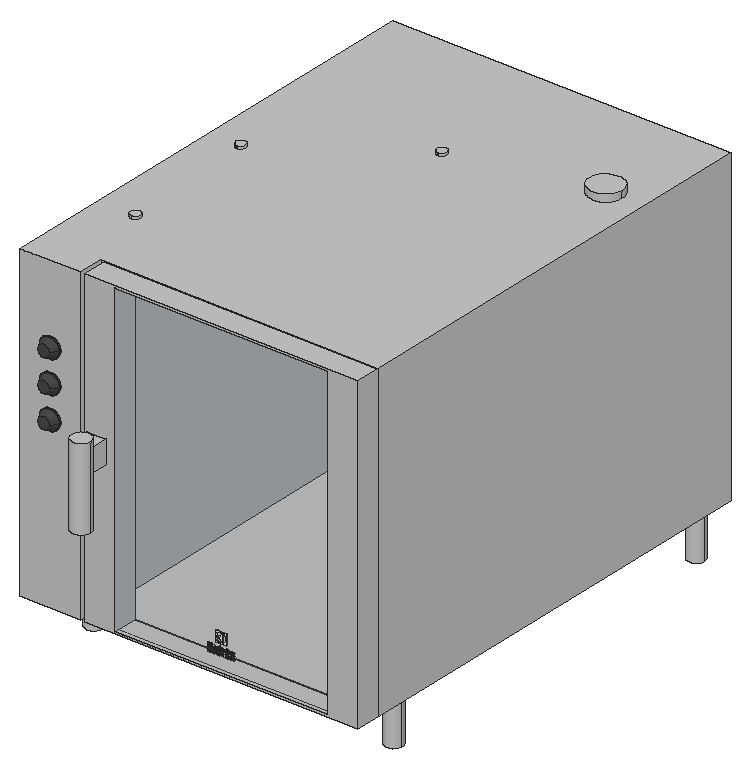
Revit family "QF_ELECTROLUXPROFESSIONAL_260697_EFCE12CSDS", category Attrezzature speciali, Revit 2018
Family settings
  Quota connettore circolare = Usa diametro
  Tipo di parte = Normale
  Basato su piano di lavoro = No
  Sempre verticale = Sì
  Taglio con vuoti quando caricato = No
  Condiviso = No
  Punto di calcolo locali = No
Parameters (values of type "Standard")
  Weight = 147.00 kg
  Watts = 24500 W
  Volts = 380 V
  URL Manufacturer = "https://www.electroluxprofessional.com/"
  URL = "https://www.electroluxprofessional.com/"
  Steam Supply Size = 0 mm
  Steam Supply Minimum Pressure = 0.0 Pa
  Steam Supply Maximum Pressure = 0.0 Pa
  Steam Consumption per Hour = 0
  Show Logo [instance] = yes
  Show Clearance [instance] = yes
  Refrigeration Suction Line Size = 0 mm
  Refrigeration Liquid Line Size = 0 mm
  Refrigerant Compressor Remote = yes
  Produttore = "Electrolux Professional"
  Phase = 3
  Modello = "EFCE12CSDS"
  Length Actual = 890 mm  # constant formula
  Item Number = "260697"
  Hot Water Size = 0 mm
  Height Actual = 970 mm  # constant formula
  HP = "32.9 HP"
  Gas Size = 0 mm
  Gas KW = 0
  Gas Input Pressure = 0 W
  Direct Waste Size = 25 mm
  Descrizione = "CONVECTION OVEN CW 10 GN 2/1 - ELECTRIC"
  Depth Actual = 1215 mm  # constant formula
  Cycle = 50 Hz
  Condensate Return Size = 0 mm
  Compressed Air Volume = 0.0 L/s
  Compressed Air Size = 0 mm
  Compressed Air Pressure = 0.0 Pa
  Cold Water Size = 19.05 mm
  Accessory = yes
Types (2, lengths in mm): name | URL | Produttore | Phase | Modello | Direct Waste Size | Descrizione | Cold Water Size
  (no name) | 0 | 0 | 0 | 0 | 0 | 0 | 0
  Standard | "https://www.electroluxprofessional.com/" | "Electrolux Professional" | 3 | "EFCE12CSDS" | 25 | "CONVECTION OVEN CW 10 GN 2/1 - ELECTRIC" | 19.05
Values of the unnamed type that differ from the named types
  Weight = 0.00 kg
  Watts = 0 W
  Volts = 0 V
  URL Manufacturer = ""
  Item Number = ""
  HP = ""
  Cycle = 0 Hz
Reference planes
  plane 1 "Center X": y = -132.649
  plane 2: z = 0
  plane 3 "Center Y": x = -315
  plane 4 "LEFT": x = -760
  plane 5 "BACK": y = 479.851
  plane 6 "RIGHT": x = 130
  plane 7 "FRONT": y = -745.149
  plane 8: x = -710
  plane 9: y = 421.851
  plane 10: y = -680.149
  plane 11: x = 80
  plane 12: y = -1426.149
Forms (mm)
  Extrusion 1, solid, material "QF_Finishes_Stainless Steel"
    sketch origin (0, 0, 950) x (-1, 0, 0) y (0, -1, 0)
      loop
        line (760, -479.851) -> (760, 745.149) -> (600, 745.149) -> (600, 680.149) -> (-130, 680.149) -> (-130, -479.851) -> (760, -479.851)
    from 0 to -820
  Extrusion 2, solid, material "QF_Finishes_Stainless Steel"
    sketch origin (0, -745.149, -670) x (-1, 0, 0) y (0, 0, 1)
      loop
        line (590, 1620) -> (-130, 1620) -> (-130, 800) -> (590, 800) -> (590, 1620)
      loop
        line (510, 1615) -> (-50, 1615) -> (-50, 805) -> (510, 805) -> (510, 1615)
    from 0 to 65
  Extrusion 3, solid, material "QF_Finishes_Glass"
    sketch origin (0, -745.149, -670) x (-1, 0, 0) y (0, 0, 1)
      loop
        line (-50, 1615) -> (-50, 805) -> (510, 805) -> (510, 1615) -> (-50, 1615)
    from 0 to 9.69
  Extrusion 4, void
    sketch origin (-600, -680.149, 950) x (-1, 0, 0) y (0, 0, 1)
      loop
        line (-10, -5) -> (-650, -5) -> (-650, -815) -> (-10, -815) -> (-10, -5)
    from 0 to 1102
  Extrusion 5, solid, material "QF_Finishes_Stainless Steel"
    sketch origin (-32, -391, 955) x (0, -1, 0) y (-1, 0, 0)
      loop
        circle (-265.851, 643) r 13.25
    from 0 to 5
  Extrusion 6, solid, material "QF_Door-Drawer Clearances", visible <- "Show Clearance", detail levels coarse
    sketch origin (0, 0, 950) x (-1, 0, 0) y (0, -1, 0)
      loop
        arc (590, 745.149) -> (362.228, 1225.45) -> (-130, 1426.149) r 734.22
        line (-130, 1426.149) -> (-130, 745.149) -> (590, 745.149)
    from -820 to 0
  Extrusion 7, solid, material "QF_Finishes_Black"
    sketch origin (24, -745.149, -766.676) x (-1, 0, 0) y (0, 0, 1)
      loop
        circle (704, 1512.5) r 26.676
    from 0 to -3
  Blend 8, solid, material "QF_Finishes_Black"
    base sketch origin (-21, -745.149, -766.676) x (1, 0, 0) y (0, 0, 1)
      loop
        circle (-659, 1512.5) r 25
    top sketch origin (-21, -745.149, -766.676) x (1, 0, 0) y (0, 0, 1)
      loop
        circle (-659, 1512.5) r 15
    from 3 to 21.442
  Extrusion 9, solid, material "QF_Finishes_Black"
    sketch origin (24, -745.149, -851.676) x (-1, 0, 0) y (0, 0, 1)
      loop
        circle (704, 1512.5) r 26.676
    from 0 to -3
  Blend 10, solid, material "QF_Finishes_Black"
    base sketch origin (-21, -745.149, -851.676) x (1, 0, 0) y (0, 0, 1)
      loop
        circle (-659, 1512.5) r 25
    top sketch origin (-21, -745.149, -851.676) x (1, 0, 0) y (0, 0, 1)
      loop
        circle (-659, 1512.5) r 15
    from 3 to 21.442
  Extrusion 11, solid, material "QF_Finishes_Black"
    sketch origin (24, -745.149, -936.676) x (-1, 0, 0) y (0, 0, 1)
      loop
        circle (704, 1512.5) r 26.676
    from 0 to -3
  Blend 12, solid, material "QF_Finishes_Black"
    base sketch origin (-21, -745.149, -936.676) x (1, 0, 0) y (0, 0, 1)
      loop
        circle (-659, 1512.5) r 25
    top sketch origin (-21, -745.149, -936.676) x (1, 0, 0) y (0, 0, 1)
      loop
        circle (-659, 1512.5) r 15
    from 3 to 21.442
  Extrusion 13, solid, material "QF_Finishes_Stainless Steel"
    sketch origin (-17, -431, 955) x (0, -1, 0) y (-1, 0, 0)
      loop
        circle (59.149, 643) r 13.25
    from 0 to 5
  Extrusion 14, solid, material "QF_Finishes_Stainless Steel"
    sketch origin (309, 1.5, 955) x (0, -1, 0) y (-1, 0, 0)
      loop
        circle (-108.351, 643) r 13.25
    from 0 to 5
  Extrusion 15, solid, material "QF_Finishes_Stainless Steel"
    sketch origin (0, 0, 575) x (-1, 0, 0) y (0, -1, 0)
      loop
        circle (559.299, 795.149) r 25
    from -193.655 to 20
  Extrusion 16, solid, material "QF_Finishes_Stainless Steel"
    sketch origin (0, 0, 575) x (-1, 0, 0) y (0, -1, 0)
      loop
        line (534.299, 795.149) -> (534.299, 745.149) -> (584.299, 745.149) -> (584.299, 795.149)
        arc (584.299, 795.149) -> (559.299, 770.149) -> (534.299, 795.149) r 25
    from -55.026 to 5
  Extrusion 17, solid, material "QF_Finishes_Stainless Steel"
    sketch origin (68.965, -63.34, 950) x (-1, 0, 0) y (0, -1, 0)
      loop
        circle (37.965, -256.191) r 43
    from 0 to 18
Cuts and joins
  Extrusion 4 cuts Extrusion 2
  Extrusion 4 cuts Extrusion 1
Lines and regions (mm)
  Split face 1
    outline origin (50, -745.149, 135) x (1, 0, 0) y (0, 0, 1)
      loop
        line (-546.223, 92.039) -> (-395, 92.039) -> (-366.716, 120.323) -> (-280, 120.323) -> (-193.284, 120.323) -> (-165, 92.039) -> (-13.777, 92.039) -> (-13.777, 732.039) -> (-546.223, 732.039) -> (-546.223, 92.039)
  Split face 2
    outline origin (-760, -745.149, 950) x (0, 0, -1) y (1, 0, 0)
      loop
        line (5, 15) -> (815, 15) -> (815, 145) -> (5, 145) -> (5, 15)
  Split face 3
    outline origin (-760, -745.149, 950) x (0, 0, -1) y (1, 0, 0)
      loop
        line (50, 15) -> (50, 145)
  Split face 4
    outline origin (-760, -745.149, 950) x (0, 0, -1) y (1, 0, 0)
      loop
        line (770, 15) -> (770, 145)
  Split face 5
    outline origin (-760, -745.149, 950) x (0, 0, -1) y (1, 0, 0)
      loop
        line (447.866, 50) -> (472.866, 50) -> (472.866, 110) -> (447.866, 110) -> (447.866, 50)
  symbolic lines
    curve 1: line (-760, -745.149, 1620) -> (-760, 479.851, 1620)
    curve 2: line (-760, 479.851, 1620) -> (130, 479.851, 1620)
    curve 3: line (-600, -680.149, 1620) -> (130, -680.149, 1620)
    curve 4: line (-600, -680.149, 1620) -> (-600, -745.149, 1620)
    curve 5: line (-760, -745.149, 1620) -> (130, -745.149, 1620)
    curve 6: line (-706.676, -748.149, 1620) -> (-653.324, -748.149, 1620)
    curve 7: line (-695, -766.591, 1620) -> (-665, -766.591, 1620)
    curve 8: line (-706.676, -748.149, 1620) -> (-706.676, -745.149, 1620)
    curve 9: line (-653.324, -748.149, 1620) -> (-653.324, -745.149, 1620)
    curve 10: line (-695, -766.591, 1620) -> (-705, -748.149, 1620)
    curve 11: line (-665, -766.591, 1620) -> (-655.006, -748.149, 1620)
    curve 12: line (130, 479.851, 1620) -> (130, -745.149, 1620)
    curve 14: arc (-534.299, -795.149, 1620) -> (-559.299, -770.149, 1620) -> (-584.299, -795.149, 1620) r 25
    curve 15: arc (-584.299, -795.149, 1620) -> (-559.299, -820.149, 1620) -> (-534.299, -795.149, 1620) r 25
    curve 16: line (-534.299, -795.149, 1620) -> (-534.299, -745.149, 1620)
    curve 17: line (-584.299, -745.149, 1620) -> (-584.299, -795.149, 1620)
    curve 18: arc (74, 192.851, 1620) -> (31, 235.851, 1620) -> (-12, 192.851, 1620) r 43
    curve 19: arc (-12, 192.851, 1620) -> (31, 149.851, 1620) -> (74, 192.851, 1620) r 43
  symbolic lines, style "QF_Door-Drawer Clearances"
    curve 13: line (130, -1426.149, 1620) -> (130, -745.149, 1620)
    curve 20: arc (-590, -745.149, 1620) -> (-362.228, -1225.45, 1620) -> (130, -1426.149, 1620) r 734.22
Dimensions and locks
  equal spacing: plane 4 "LEFT", plane 3 "Center Y", plane 6 "RIGHT"
  plane 4 "LEFT" to plane 6 "RIGHT" = 890 mm
  plane 5 "BACK" to plane 7 "FRONT" = 1225 mm
  equal spacing: plane 5 "BACK", plane 1 "Center X", plane 7 "FRONT"
  plane 5 "BACK" to plane 12 = 1906 mm
  Extrusion 6 to level = 130 mm
  Extrusion 6 to level = 950 mm
  aligned and locked: level to plane 2
  aligned and locked: Blend 8 to Extrusion 7
  aligned and locked: Blend 10 to Extrusion 9
  aligned and locked: Blend 12 to Extrusion 11
Automatic sketch dimensions
  curve 14 to curve 15 = 0 mm  (x2)
  curve 18 to curve 19 = 0 mm  (x2)
  curve 12 to plane 5 "BACK" = 0 mm
  curve 12 to plane 6 "RIGHT" = 0 mm
  curve 16 to plane 7 "FRONT" = 0 mm
  curve 4 to plane 10 = 0 mm
  curve 1 to plane 4 "LEFT" = 0 mm
  curve 13 to plane 12 = 0 mm
  plane 6 "RIGHT" to curve 20 = 12.296 mm
  curve 19 to plane 11 = 49 mm
  curve 16 to plane 7 "FRONT" = 50 mm
  plane 8 to curve 16 = 175.701 mm
  curve 14 to curve 15 = 25 mm
  curve 17 to curve 4 = 15.701 mm
  curve 9 to plane 7 "FRONT" = 3 mm
  curve 4 to curve 9 = 53.324 mm
  curve 6 to curve 7 = 11.676 mm
  plane 8 to curve 7 = 15 mm
  plane 8 to curve 6 = 3.324 mm
  curve 19 to plane 9 = 229 mm
  curve 20 to plane 10 = 11.883 mm
  curve 10 to curve 7 = 18.442 mm
  curve 19 to plane 11 = 6 mm
  curve 6 to curve 11 = 1.682 mm
  curve 10 to curve 6 = 1.676 mm
  Extrusion 1 sketch curve to plane 5 "BACK" = 0 mm
  Extrusion 1 sketch curve to plane 6 "RIGHT" = 0 mm
  Extrusion 1 sketch curve to plane 10 = 0 mm
  Extrusion 1 sketch curve to plane 7 "FRONT" = 0 mm
  Extrusion 1 sketch curve to plane 4 "LEFT" = 0 mm
  plane 8 to Extrusion 1 sketch curve = 110 mm
  Extrusion 2 sketch curve to plane 6 "RIGHT" = 0 mm
  Extrusion 2 sketch curve to plane 11 = 30 mm
  Extrusion 2 sketch curve to plane 3 "Center Y" = 195 mm
  Extrusion 2 sketch curve to Extrusion 2 sketch curve = 80 mm
  level to Extrusion 2 sketch curve = 130 mm
  Extrusion 2 sketch curve to Extrusion 2 sketch curve = 5 mm  (x2)
  Extrusion 3 sketch curve to plane 11 = 30 mm
  Extrusion 3 sketch curve to plane 3 "Center Y" = 195 mm  (x2)
  level to Extrusion 3 sketch curve = 135 mm
  Extrusion 4 sketch curve to plane 11 = 30 mm
  plane 8 to Extrusion 4 sketch curve = 120 mm
  level to Extrusion 4 sketch curve = 135 mm
  Extrusion 5 sketch curve to plane 1 "Center X" = 7.5 mm
  plane 8 to Extrusion 5 sketch curve = 35 mm
  Extrusion 6 sketch curve to plane 6 "RIGHT" = 0 mm
  Extrusion 6 sketch curve to plane 7 "FRONT" = 0 mm
  Extrusion 6 sketch curve to plane 12 = 0 mm
  plane 6 "RIGHT" to Extrusion 6 sketch curve = 12.296 mm
  plane 8 to Extrusion 6 sketch curve = 120 mm
  plane 8 to Extrusion 7 sketch curve = 30 mm
  Extrusion 2 to Blend 8 sketch curve = 90 mm  (x2)
  Extrusion 2 to Blend 8 sketch curve = 199.176 mm  (x2)
  plane 8 to Extrusion 9 sketch curve = 30 mm
  Extrusion 2 to Blend 10 sketch curve = 90 mm  (x2)
  Extrusion 2 to Blend 10 sketch curve = 284.176 mm  (x2)
  plane 8 to Extrusion 11 sketch curve = 30 mm
  Extrusion 2 to Blend 12 sketch curve = 90 mm  (x2)
  Extrusion 2 to Blend 12 sketch curve = 369.176 mm  (x2)
  plane 8 to Extrusion 13 sketch curve = 50 mm
  plane 10 to Extrusion 13 sketch curve = 190 mm
  Extrusion 14 sketch curve to plane 3 "Center Y" = 19 mm
  Extrusion 14 sketch curve to plane 1 "Center X" = 242.5 mm
  Extrusion 15 sketch curve to plane 7 "FRONT" = 50 mm
  plane 8 to Extrusion 15 sketch curve = 150.701 mm
  Extrusion 16 sketch curve to plane 7 "FRONT" = 0 mm
  plane 8 to Extrusion 16 sketch curve = 175.701 mm
  Extrusion 16 sketch curve to Extrusion 16 sketch curve = 25 mm
  Extrusion 16 sketch curve to plane 7 "FRONT" = 50 mm
  Split face 1 sketch curve to Extrusion 3 = 13.777 mm  (x2)
  Split face 1 sketch curve to Split face 1 sketch curve = 151.223 mm
  Split face 1 sketch curve to Split face 1 sketch curve = 28.284 mm  (x3)
  Split face 1 sketch curve to Split face 1 sketch curve = 86.716 mm  (x2)
  Split face 1 sketch curve to Extrusion 3 = 92.039 mm  (x2)
  Split face 1 sketch curve to Extrusion 3 = 77.961 mm
  Extrusion 17 sketch curve to plane 11 = 49 mm
  Extrusion 17 sketch curve to plane 9 = 229 mm
  Split face 2 sketch curve to cut or joined group of Extrusion 1, Extrusion 4 = 5 mm  (x2)
  Split face 2 sketch curve to cut or joined group of Extrusion 1, Extrusion 4 = 15 mm  (x2)
  Split face 3 sketch curve to cut or joined group of Extrusion 1, Extrusion 4 = 15 mm  (x2)
  Split face 3 sketch curve to cut or joined group of Extrusion 1, Extrusion 4 = 50 mm
  Split face 4 sketch curve to cut or joined group of Extrusion 1, Extrusion 4 = 15 mm  (x2)
  Split face 4 sketch curve to cut or joined group of Extrusion 1, Extrusion 4 = 50 mm
  Split face 5 sketch curve to cut or joined group of Extrusion 1, Extrusion 4 = 50 mm  (x2)
  Split face 5 sketch curve to cut or joined group of Extrusion 1, Extrusion 4 = 372.134 mm
  Split face 5 sketch curve to Split face 5 sketch curve = 25 mm
  level to Extrusion 7 sketch curve = 745.824 mm
  level to Extrusion 9 sketch curve = 660.824 mm
  level to Extrusion 11 sketch curve = 575.824 mm
  Extrusion 2 sketch curve to Extrusion 2 sketch curve = 810 mm
  Extrusion 3 sketch curve to Extrusion 3 sketch curve = 810 mm
  Extrusion 4 sketch curve to Extrusion 4 sketch curve = 810 mm
  radius of Extrusion 5 sketch curve = 13.25 mm
  radius of Extrusion 7 sketch curve = 26.676 mm
  radius of Blend 8 sketch curve = 25 mm
  radius of Blend 8 sketch curve = 15 mm
  radius of Extrusion 9 sketch curve = 26.676 mm
  radius of Blend 10 sketch curve = 25 mm
  radius of Blend 10 sketch curve = 15 mm
  radius of Extrusion 11 sketch curve = 26.676 mm
  radius of Blend 12 sketch curve = 25 mm
  radius of Blend 12 sketch curve = 15 mm
  radius of Extrusion 13 sketch curve = 13.25 mm
  radius of Extrusion 14 sketch curve = 13.25 mm
  radius of Extrusion 15 sketch curve = 25 mm
  radius of Extrusion 17 sketch curve = 43 mm
Nested families
  nested 1: "Foot" at (-710, -565.149, 0), type "Foot"
    with Ø 22 mm, H 130 mm
  nested 2: "Foot" at (80, -565.149, 0), type "Foot"
    with Ø 22 mm, H 130 mm
  nested 3: "Foot" at (80, 429.851, 0), type "Foot"
    with Ø 22 mm, H 130 mm
  nested 4: "Foot" at (-710, 429.851, 0), type "Foot"
    with Ø 22 mm, H 130 mm
  nested 5: "ELX_Pro_Logo" at (-230, -745.149, 201.012) x (1, 0, 0) z (0, -1, 0), type "ELX_Pro_Logo"
Connectors
  piping at (-334, 109.851, 955), diameter 26.4
    settings: on Extrusion 14, index 6, connector inside diameter 609.6 mm, connector length 0 mm, flow factor 0, pipe flow 0.0 L/s, pressure drop 0.0 Pa, fitting loss kfactor 0, connector angle 0.00°, fixture units 0, engagement length 0 mm, angle of deflection 0.00°, flow configuration 0, flow direction 0, fitting loss method 0, system type 16, joint type 0, gender type 0, connector reference index -1, connector utility 0, adjustable connector no, is connector primary yes, connector description ""
  electrical at (-660, -490.149, 955)
    settings: on Extrusion 13, index 7, voltage 0 V, apparent load 0 VA, apparent load phase1 0 VA, apparent load phase2 0 VA, apparent load phase3 0 VA, power factor 1, load classification "Altro", number of poles 1, system type 30, power factor state 1, is connector primary yes, connector utility no, sub classification motor no, connector description "Electrical"
  piping at (-675, -125.149, 955), diameter 26.4
    settings: on Extrusion 5, index 8, connector inside diameter 609.6 mm, connector length 0 mm, flow factor 0, pipe flow 0.0 L/s, pressure drop 0.0 Pa, fitting loss kfactor 0, connector angle 0.00°, fixture units 0, engagement length 0 mm, angle of deflection 0.00°, flow configuration 0, flow direction 0, fitting loss method 0, system type 20, joint type 0, gender type 0, connector reference index -1, connector utility 0, adjustable connector no, is connector primary no, connector description "Cold Water Inled"
Definition of nested family "Foot"
  Parameters
    Ø [instance] = 20 mm
    H [instance] = 50 mm
  Reference planes
    plane 1 "Centro (Fronte/Retro)": y = 0
    plane 2: z = 0
    plane 3 "Centro (Sinistra/Destra)": x = 0
    plane 4: z = 50
  Forms (mm)
    Revolve 1, solid
      sketch origin (255.05, 0, 608.09) x (0, 0, 1) y (-1, 0, 0)
        loop
          line (-608.09, 255.05) -> (-608.09, 235.05) -> (-558.09, 235.05) -> (-558.09, 255.05) -> (-608.09, 255.05)
        axis (-608.09, 255.05) -> (-558.09, 255.05)
      angle from 0 to 360
  Dimensions and locks
    "H": plane 4 to plane 2
    "Ø": Revolve 1 sketch curve to Revolve 1 sketch curve
    aligned and locked: level to plane 2
    aligned and locked: plane 4 to Revolve 1 sketch curve
    aligned and locked: Revolve 1 sketch curve to level
    aligned and locked: plane 3 "Centro (Sinistra/Destra)" to Revolve 1 sketch curve
  Automatic sketch dimensions
    Revolve 1 sketch curve to plane 3 "Centro (Sinistra/Destra)" = 0 mm
    Revolve 1 sketch curve to Revolve 1 sketch curve = 50 mm
    Revolve 1 sketch curve to Revolve 1 sketch curve = 20 mm
Definition of nested family "ELX_Pro_Logo"
  Parameters (values of type "ELX_Pro_Logo")
    M = none
    Default Elevation = 0 mm
  Reference planes
    plane 1 "Centro (Fronte/Retro)": y = 0
    plane 2: z = 0
    plane 3 "Centro (Sinistra/Destra)": x = 0
  Forms (mm)
    Extrusion 1, solid
      sketch origin (0, 0, 0) x (1, 0, 0) y (0, 1, 0)
        loop
          line (-1219.2, 1219.2) -> (-1219.2, -1219.2) -> (1219.2, -1219.2) -> (1219.2, 1219.2) -> (-1219.2, 1219.2)
      from 0 to -304.8
    Extrusion 2, solid, material <- "M"
      sketch origin (-144.622, -1081.55, 0) x (-1, 0, 0) y (0, -1, 0)
        loop
          line (-111.329, -1069.559) -> (-111.329, -1071.073) -> (-116.048, -1071.073) -> (-116.048, -1072.896) -> (-111.328, -1072.896) -> (-111.328, -1075.549) -> (-116.349, -1075.549) -> (-116.349, -1077.368) -> (-109.396, -1077.368) -> (-109.396, -1073.46) -> (-109.396, -1069.659)
          arc (-109.396, -1069.659) -> (-110.425, -1067.175) -> (-112.909, -1066.146) r 3.513
          line (-112.909, -1066.146) -> (-116.483, -1066.146) -> (-116.483, -1067.963) -> (-112.925, -1067.963)
          arc (-112.925, -1067.963) -> (-111.797, -1068.431) -> (-111.329, -1069.559) r 1.596
        loop
          line (-119.79, -1077.358) -> (-117.856, -1077.358) -> (-117.856, -1072.053) -> (-117.856, -1066.132) -> (-119.79, -1066.132) -> (-119.79, -1072.092) -> (-119.79, -1077.358)
        loop
          line (-122.986, -1069.718) -> (-129.327, -1069.718)
          arc (-129.327, -1069.718) -> (-129.219, -1071.449) -> (-128.497, -1073.026) r 4.757
          arc (-128.497, -1073.026) -> (-125.237, -1074.5) -> (-121.978, -1073.026) r 4.34
          arc (-121.978, -1073.026) -> (-121.072, -1070.207) -> (-121.978, -1067.388) r 4.838
          arc (-121.978, -1067.388) -> (-125.393, -1065.933) -> (-128.809, -1067.388) r 4.737
          line (-128.809, -1067.388) -> (-127.645, -1068.52)
          arc (-127.645, -1068.52) -> (-125.509, -1067.576) -> (-123.374, -1068.52) r 2.888
          arc (-123.374, -1068.52) -> (-123.05, -1069.077) -> (-122.986, -1069.718) r 1.527
        loop
          arc (-127.386, -1071.076) -> (-126.67, -1072.331) -> (-125.331, -1072.872) r 2.201
          arc (-125.331, -1072.872) -> (-123.848, -1072.402) -> (-123.033, -1071.076) r 2.23
          line (-123.033, -1071.076) -> (-127.386, -1071.076)
        loop
          line (-136.862, -1071.886) -> (-138.059, -1073.132)
          arc (-138.059, -1073.132) -> (-130.327, -1070.219) -> (-138.059, -1067.306) r 4.415
          line (-138.059, -1067.306) -> (-136.862, -1068.553)
          arc (-136.862, -1068.553) -> (-132.252, -1070.22) -> (-136.862, -1071.886) r 2.606
        loop
          line (-141.192, -1069.673) -> (-141.192, -1072.494) -> (-142.951, -1072.494) -> (-142.951, -1074.25) -> (-141.195, -1074.25) -> (-141.195, -1077.358) -> (-139.262, -1077.358) -> (-139.262, -1073.332) -> (-139.262, -1069.514)
          arc (-139.262, -1069.514) -> (-140.299, -1066.92) -> (-142.98, -1066.132) r 3.196
          line (-142.98, -1066.132) -> (-142.987, -1067.949)
          arc (-142.987, -1067.949) -> (-141.652, -1068.356) -> (-141.192, -1069.673) r 1.542
        loop
          line (-146.494, -1073.042) -> (-146.494, -1074.25) -> (-144.576, -1074.25) -> (-144.576, -1070.271) -> (-144.576, -1066.132) -> (-146.494, -1066.132) -> (-146.494, -1070.401)
          arc (-146.494, -1070.401) -> (-147.446, -1072.228) -> (-149.489, -1072.494) r 2.229
          line (-149.489, -1072.494) -> (-149.489, -1074.362)
          arc (-149.489, -1074.362) -> (-147.761, -1074.226) -> (-146.494, -1073.042) r 2.627
        loop
          line (-159.833, -1072.246) -> (-159.833, -1066.131) -> (-161.767, -1066.131) -> (-161.767, -1072.17) -> (-161.767, -1077.359) -> (-159.833, -1077.359) -> (-159.833, -1072.246)
        loop
          line (-165.194, -1069.514) -> (-165.194, -1074.25) -> (-163.245, -1074.25) -> (-163.245, -1071.898) -> (-163.245, -1069.098)
          arc (-163.245, -1069.098) -> (-166.96, -1065.769) -> (-170.687, -1069.085) r 3.745
          line (-170.687, -1069.085) -> (-170.687, -1071.898) -> (-170.687, -1074.25) -> (-168.739, -1074.25) -> (-168.739, -1069.514)
          arc (-168.739, -1069.514) -> (-166.967, -1067.742) -> (-165.194, -1069.514) r 1.772
        loop
          line (-174.654, -1070.416) -> (-172.975, -1068.078) -> (-171.578, -1066.131) -> (-173.656, -1066.131) -> (-175.717, -1068.999) -> (-177.779, -1066.131) -> (-179.857, -1066.131) -> (-178, -1068.728) -> (-176.781, -1070.433) -> (-178.29, -1072.488) -> (-179.583, -1074.25) -> (-177.473, -1074.25) -> (-175.717, -1071.818) -> (-173.945, -1074.25) -> (-171.852, -1074.25) -> (-173.052, -1072.608) -> (-174.654, -1070.416)
        loop
          circle (-154.223, -1070.188) r 2.508
        loop
          circle (-154.223, -1070.188) r 4.42
        loop
          line (-110.224, -1058.542) -> (-111.194, -1058.542)
          arc (-111.194, -1058.542) -> (-112.217, -1059.95) -> (-110.924, -1061.114) r 1.3
          line (-110.924, -1061.114) -> (-109.424, -1061.114) -> (-109.424, -1057.223) -> (-110.224, -1057.223) -> (-110.224, -1058.542)
        loop
          line (-110.224, -1060.379) -> (-110.224, -1059.293) -> (-111.03, -1059.293)
          arc (-111.03, -1059.293) -> (-111.43, -1059.836) -> (-111.03, -1060.379) r 0.569
          line (-111.03, -1060.379) -> (-110.224, -1060.379)
        loop
          line (-116.302, -1058.564) -> (-117.128, -1058.564) -> (-117.934, -1057.223) -> (-118.841, -1057.223) -> (-117.833, -1058.884)
          arc (-117.833, -1058.884) -> (-118.214, -1060.282) -> (-117.028, -1061.114) r 1.26
          line (-117.028, -1061.114) -> (-115.503, -1061.114) -> (-115.503, -1057.223) -> (-116.302, -1057.223) -> (-116.302, -1058.564)
        loop
          line (-116.302, -1060.379) -> (-116.302, -1059.293) -> (-117.109, -1059.293)
          arc (-117.109, -1059.293) -> (-117.508, -1059.836) -> (-117.109, -1060.379) r 0.569
          line (-117.109, -1060.379) -> (-116.302, -1060.379)
        loop
          line (-128.923, -1057.223) -> (-129.723, -1057.223) -> (-129.723, -1058.714) -> (-131.187, -1058.714) -> (-131.187, -1059.514) -> (-129.723, -1059.514) -> (-129.723, -1060.314) -> (-131.327, -1060.314) -> (-131.327, -1061.114) -> (-128.923, -1061.114) -> (-128.923, -1057.223)
        loop
          arc (-134.628, -1058.469) -> (-134.992, -1057.588) -> (-135.874, -1057.223) r 1.246
          line (-135.874, -1057.223) -> (-137.13, -1057.223) -> (-137.13, -1058.023) -> (-135.969, -1058.023)
          arc (-135.969, -1058.023) -> (-135.53, -1058.237) -> (-135.427, -1058.714) r 0.558
          line (-135.427, -1058.714) -> (-136.984, -1058.714) -> (-136.984, -1059.514) -> (-135.427, -1059.514) -> (-135.427, -1060.314) -> (-137.092, -1060.314) -> (-137.092, -1061.114) -> (-134.628, -1061.114) -> (-134.628, -1058.469)
        loop
          line (-152.3, -1057.223) -> (-153.1, -1057.223) -> (-153.1, -1061.114) -> (-152.3, -1061.114) -> (-152.3, -1057.223)
        loop
          line (-164.67, -1057.223) -> (-164.67, -1059.67) -> (-166.45, -1057.223) -> (-167.25, -1057.223) -> (-167.25, -1061.114) -> (-166.42, -1061.114) -> (-166.42, -1058.594) -> (-164.64, -1061.114) -> (-163.84, -1061.114) -> (-163.84, -1057.223) -> (-164.67, -1057.223)
        loop
          line (-170.403, -1057.223) -> (-171.262, -1057.223) -> (-171.641, -1058.063) -> (-173.08, -1058.063) -> (-173.459, -1057.223) -> (-174.317, -1057.223) -> (-172.796, -1061.113) -> (-171.996, -1061.113) -> (-170.403, -1057.223)
        loop
          line (-177.493, -1057.223) -> (-179.789, -1057.223) -> (-179.789, -1058.023) -> (-178.293, -1058.023) -> (-178.293, -1061.114) -> (-177.493, -1061.114) -> (-177.493, -1057.223)
        loop
          line (-172.362, -1059.848) -> (-171.945, -1058.83) -> (-172.76, -1058.83) -> (-172.362, -1059.848)
        loop
          circle (-158.484, -1059.145) r 1.288
        loop
          circle (-158.484, -1059.145) r 2.065
        loop
          arc (-146.04, -1058.095) -> (-146.933, -1057.275) -> (-148.145, -1057.245) r 1.725
          arc (-148.145, -1057.245) -> (-148.965, -1058.02) -> (-148.68, -1059.111) r 1.107
          arc (-148.68, -1059.111) -> (-148.103, -1059.465) -> (-147.486, -1059.746) r 5.523
          arc (-147.486, -1059.746) -> (-147.147, -1060.262) -> (-147.708, -1060.52) r 0.407
          arc (-147.708, -1060.52) -> (-148.045, -1060.315) -> (-148.325, -1060.038) r 1.702
          line (-148.325, -1060.038) -> (-149.011, -1060.45)
          arc (-149.011, -1060.45) -> (-148.578, -1060.911) -> (-148.043, -1061.247) r 2.463
          arc (-148.043, -1061.247) -> (-146.373, -1060.466) -> (-147.42, -1058.949) r 1.207
          spline (-147.42, -1058.949) -> (-147.716, -1058.809) -> (-147.932, -1058.678) -> (-148.077, -1058.557) -> (-148.163, -1058.446) -> (-148.198, -1058.347) -> (-148.192, -1058.258) -> (-148.157, -1058.182) -> (-148.102, -1058.118) -> (-148.037, -1058.068) -> (-147.972, -1058.031) -> (-147.917, -1058.008) -> (-147.883, -1058)
          arc (-147.883, -1058) -> (-147.238, -1058.014) -> (-146.759, -1058.446) r 0.925
          line (-146.759, -1058.446) -> (-146.04, -1058.095)
        loop
          arc (-140.18, -1058.095) -> (-141.073, -1057.275) -> (-142.285, -1057.245) r 1.725
          arc (-142.285, -1057.245) -> (-143.106, -1058.02) -> (-142.821, -1059.111) r 1.107
          arc (-142.821, -1059.111) -> (-142.243, -1059.465) -> (-141.627, -1059.746) r 5.523
          arc (-141.627, -1059.746) -> (-141.287, -1060.262) -> (-141.849, -1060.52) r 0.407
          arc (-141.849, -1060.52) -> (-142.185, -1060.315) -> (-142.466, -1060.038) r 1.702
          line (-142.466, -1060.038) -> (-143.151, -1060.45)
          arc (-143.151, -1060.45) -> (-142.719, -1060.911) -> (-142.183, -1061.247) r 2.463
          arc (-142.183, -1061.247) -> (-140.513, -1060.466) -> (-141.56, -1058.949) r 1.207
          spline (-141.56, -1058.949) -> (-141.856, -1058.809) -> (-142.072, -1058.678) -> (-142.218, -1058.557) -> (-142.303, -1058.446) -> (-142.338, -1058.347) -> (-142.333, -1058.258) -> (-142.298, -1058.182) -> (-142.242, -1058.118) -> (-142.177, -1058.068) -> (-142.112, -1058.031) -> (-142.057, -1058.008) -> (-142.023, -1058)
          arc (-142.023, -1058) -> (-141.378, -1058.014) -> (-140.9, -1058.446) r 0.925
          line (-140.9, -1058.446) -> (-140.18, -1058.095)
        loop
          circle (-123.484, -1059.145) r 1.288
        loop
          circle (-123.484, -1059.145) r 2.065
        loop
          line (-130.225, -1113.361) -> (-130.225, -1084.645) -> (-158.979, -1084.645) -> (-158.979, -1113.361) -> (-130.225, -1113.361)
        loop
          arc (-148.442, -1086.055) -> (-157.992, -1098.973) -> (-148.442, -1111.892) r 13.512
          line (-148.442, -1111.892) -> (-148.442, -1086.055)
        loop
          line (-147.127, -1086.055) -> (-147.127, -1087.926)
          arc (-147.127, -1087.926) -> (-143.116, -1095.125) -> (-135.48, -1098.224) r 12.412
          line (-135.48, -1098.224) -> (-131.205, -1098.224)
          arc (-131.205, -1098.224) -> (-136.382, -1088.497) -> (-147.127, -1086.055) r 13.242
        loop
          line (-147.127, -1110.021) -> (-147.127, -1112.224)
          arc (-147.127, -1112.224) -> (-136.374, -1109.53) -> (-131.205, -1099.722) r 13.588
          line (-131.205, -1099.722) -> (-135.48, -1099.722)
          arc (-135.48, -1099.722) -> (-143.116, -1102.822) -> (-147.127, -1110.021) r 12.412
      from 0 to 1.6
  Lines and regions (mm)
    symbolic lines
      curve 1: line (-14.357, 31.811, 0) -> (14.357, 31.811, 0)
      curve 2: line (-14.357, 3.095, 0) -> (-14.357, 31.811, 0)
      curve 3: line (14.357, 3.095, 0) -> (-14.357, 3.095, 0)
      curve 4: line (14.357, 31.811, 0) -> (14.357, 3.095, 0)
      curve 5: line (-8.32, 7.722, 0) -> (-9.387, 8.738, 0)
      curve 6: line (-9.387, 8.738, 0) -> (-10.331, 9.866, 0)
      curve 7: line (-10.331, 9.866, 0) -> (-11.141, 11.095, 0)
      curve 8: line (-11.141, 11.095, 0) -> (-11.805, 12.411, 0)
      curve 9: line (-11.805, 12.411, 0) -> (-12.31, 13.803, 0)
      curve 10: line (-12.31, 13.803, 0) -> (-12.646, 15.26, 0)
      curve 11: line (-12.646, 15.26, 0) -> (-12.8, 16.77, 0)
      curve 12: line (-12.8, 16.77, 0) -> (-10.081, 16.77, 0)
      curve 13: line (-10.081, 16.77, 0) -> (-8.466, 16.661, 0)
      curve 14: line (-8.466, 16.661, 0) -> (-6.88, 16.344, 0)
      curve 15: line (-6.88, 16.344, 0) -> (-5.345, 15.833, 0)
      curve 16: line (-5.345, 15.833, 0) -> (-3.882, 15.143, 0)
      curve 17: line (-3.882, 15.143, 0) -> (-2.511, 14.288, 0)
      curve 18: line (-2.511, 14.288, 0) -> (-1.255, 13.283, 0)
      curve 19: line (-1.255, 13.283, 0) -> (-0.135, 12.143, 0)
      curve 20: line (-0.135, 12.143, 0) -> (0.83, 10.882, 0)
      curve 21: line (0.83, 10.882, 0) -> (1.616, 9.515, 0)
      curve 22: arc (1.616, 9.515, 0) -> (2.419, 7.28, 0) -> (2.7, 4.923, 0) r 10.532
      curve 23: arc (2.7, 4.923, 0) -> (1.362, 4.715, 0) -> (0.011, 4.633, 0) r 14.39
      curve 24: line (0.011, 4.633, 0) -> (-1.56, 4.731, 0)
      curve 25: line (-1.56, 4.731, 0) -> (-3.062, 5.011, 0)
      curve 26: line (-3.062, 5.011, 0) -> (-4.502, 5.462, 0)
      curve 27: line (-4.502, 5.462, 0) -> (-5.866, 6.072, 0)
      curve 28: line (-5.866, 6.072, 0) -> (-7.142, 6.829, 0)
      curve 29: line (-7.142, 6.829, 0) -> (-8.32, 7.722, 0)
      curve 30: line (-10.802, 24.24, 0) -> (-9.872, 25.531, 0)
      curve 31: line (-9.872, 25.531, 0) -> (-8.796, 26.699, 0)
      curve 32: line (-8.796, 26.699, 0) -> (-7.587, 27.728, 0)
      curve 33: line (-7.587, 27.728, 0) -> (-6.258, 28.602, 0)
      curve 34: line (-6.258, 28.602, 0) -> (-4.823, 29.309, 0)
      curve 35: line (-4.823, 29.309, 0) -> (-3.293, 29.832, 0)
      curve 36: line (-3.293, 29.832, 0) -> (-1.683, 30.156, 0)
      curve 37: arc (-1.683, 30.156, 0) -> (0.517, 30.256, 0) -> (2.702, 29.984, 0) r 13.008
      curve 38: arc (2.702, 29.984, 0) -> (2.453, 27.616, 0) -> (1.617, 25.387, 0) r 9.395
      curve 39: line (1.617, 25.387, 0) -> (0.83, 24.018, 0)
      curve 40: line (0.83, 24.018, 0) -> (-0.134, 22.756, 0)
      curve 41: line (-0.134, 22.756, 0) -> (-1.255, 21.615, 0)
      curve 42: line (-1.255, 21.615, 0) -> (-2.512, 20.609, 0)
      curve 43: line (-2.512, 20.609, 0) -> (-3.882, 19.754, 0)
      curve 44: line (-3.882, 19.754, 0) -> (-5.346, 19.063, 0)
      curve 45: line (-5.346, 19.063, 0) -> (-6.881, 18.551, 0)
      curve 46: line (-6.881, 18.551, 0) -> (-8.467, 18.234, 0)
      curve 47: line (-8.467, 18.234, 0) -> (-10.083, 18.125, 0)
      curve 48: line (-10.083, 18.125, 0) -> (-12.798, 18.125, 0)
      curve 49: line (-12.798, 18.125, 0) -> (-12.584, 19.768, 0)
      curve 50: line (-12.584, 19.768, 0) -> (-12.171, 21.343, 0)
      curve 51: line (-12.171, 21.343, 0) -> (-11.572, 22.839, 0)
      curve 52: line (-11.572, 22.839, 0) -> (-10.802, 24.24, 0)
      curve 53: line (4.048, 5.294, 0) -> (4.048, 29.617, 0)
      curve 54: line (4.048, 29.617, 0) -> (5.525, 29.026, 0)
      curve 55: line (5.525, 29.026, 0) -> (6.905, 28.26, 0)
      curve 56: line (6.905, 28.26, 0) -> (8.174, 27.332, 0)
      curve 57: line (8.174, 27.332, 0) -> (9.318, 26.256, 0)
      curve 58: line (9.318, 26.256, 0) -> (10.323, 25.046, 0)
      curve 59: line (10.323, 25.046, 0) -> (11.177, 23.715, 0)
      curve 60: line (11.177, 23.715, 0) -> (11.865, 22.277, 0)
      curve 61: line (11.865, 22.277, 0) -> (12.375, 20.746, 0)
      curve 62: line (12.375, 20.746, 0) -> (12.693, 19.135, 0)
      curve 63: line (12.693, 19.135, 0) -> (12.804, 17.459, 0)
      curve 64: line (12.804, 17.459, 0) -> (12.702, 15.807, 0)
      curve 65: line (12.702, 15.807, 0) -> (12.396, 14.216, 0)
      curve 66: line (12.396, 14.216, 0) -> (11.897, 12.7, 0)
      curve 67: line (11.897, 12.7, 0) -> (11.218, 11.271, 0)
      curve 68: line (11.218, 11.271, 0) -> (10.372, 9.944, 0)
      curve 69: line (10.372, 9.944, 0) -> (9.37, 8.731, 0)
      curve 70: line (9.37, 8.731, 0) -> (8.224, 7.646, 0)
      curve 71: line (8.224, 7.646, 0) -> (6.947, 6.703, 0)
      curve 72: line (6.947, 6.703, 0) -> (5.551, 5.914, 0)
      curve 73: line (5.551, 5.914, 0) -> (4.048, 5.294, 0)
      curve 74: line (-35.227, -8.09, 0) -> (-35.227, -11.891, 0)
      curve 75: arc (-35.227, -11.891, 0) -> (-34.198, -14.375, 0) -> (-31.714, -15.404, 0) r 3.513
      curve 76: line (-31.714, -15.404, 0) -> (-28.139, -15.404, 0)
      curve 77: line (-28.139, -15.404, 0) -> (-28.139, -13.587, 0)
      curve 78: line (-28.139, -13.587, 0) -> (-31.697, -13.587, 0)
      curve 79: arc (-31.697, -13.587, 0) -> (-32.826, -13.119, 0) -> (-33.293, -11.991, 0) r 1.596
      curve 80: line (-33.293, -11.991, 0) -> (-33.293, -10.477, 0)
      curve 81: line (-33.293, -10.477, 0) -> (-28.574, -10.477, 0)
      curve 82: line (-28.574, -10.477, 0) -> (-28.574, -8.654, 0)
      curve 83: line (-28.574, -8.654, 0) -> (-33.294, -8.654, 0)
      curve 84: line (-33.294, -8.654, 0) -> (-33.294, -6.001, 0)
      curve 85: line (-33.294, -6.001, 0) -> (-28.273, -6.001, 0)
      curve 86: line (-28.273, -6.001, 0) -> (-28.273, -4.182, 0)
      curve 87: line (-28.273, -4.182, 0) -> (-35.227, -4.182, 0)
      curve 88: line (-35.227, -4.182, 0) -> (-35.227, -8.09, 0)
      curve 89: line (-24.833, -9.458, 0) -> (-24.833, -4.192, 0)
      curve 90: line (-24.833, -4.192, 0) -> (-26.766, -4.192, 0)
      curve 91: line (-26.766, -4.192, 0) -> (-26.766, -9.497, 0)
      curve 92: line (-26.766, -9.497, 0) -> (-26.766, -15.418, 0)
      curve 93: line (-26.766, -15.418, 0) -> (-24.833, -15.418, 0)
      curve 94: line (-24.833, -15.418, 0) -> (-24.833, -9.458, 0)
      curve 95: arc (-16.125, -8.524, 0) -> (-19.385, -7.05, 0) -> (-22.645, -8.524, 0) r 4.34
      curve 96: arc (-22.645, -8.524, 0) -> (-23.551, -11.343, 0) -> (-22.645, -14.162, 0) r 4.838
      curve 97: arc (-22.645, -14.162, 0) -> (-19.229, -15.617, 0) -> (-15.813, -14.162, 0) r 4.737
      curve 98: line (-15.813, -14.162, 0) -> (-16.978, -13.03, 0)
      curve 99: arc (-16.978, -13.03, 0) -> (-19.113, -13.974, 0) -> (-21.249, -13.03, 0) r 2.888
      curve 100: arc (-21.249, -13.03, 0) -> (-21.572, -12.473, 0) -> (-21.637, -11.832, 0) r 1.527
      curve 101: line (-21.637, -11.832, 0) -> (-15.295, -11.832, 0)
      curve 102: arc (-15.295, -11.832, 0) -> (-15.404, -10.101, 0) -> (-16.125, -8.524, 0) r 4.757
      curve 103: line (-17.236, -10.474, 0) -> (-21.589, -10.474, 0)
      curve 104: arc (-21.589, -10.474, 0) -> (-20.774, -9.148, 0) -> (-19.291, -8.678, 0) r 2.23
      curve 105: arc (-19.291, -8.678, 0) -> (-17.952, -9.219, 0) -> (-17.236, -10.474, 0) r 2.201
      curve 106: arc (-6.563, -8.418, 0) -> (-14.295, -11.331, 0) -> (-6.563, -14.244, 0) r 4.415
      curve 107: line (-6.563, -14.244, 0) -> (-7.761, -12.997, 0)
      curve 108: arc (-7.761, -12.997, 0) -> (-12.371, -11.33, 0) -> (-7.761, -9.664, 0) r 2.606
      curve 109: line (-7.761, -9.664, 0) -> (-6.563, -8.418, 0)
      curve 110: line (-5.361, -4.192, 0) -> (-5.361, -8.218, 0)
      curve 111: line (-5.361, -8.218, 0) -> (-5.361, -12.036, 0)
      curve 112: arc (-5.361, -12.036, 0) -> (-4.323, -14.63, 0) -> (-1.642, -15.418, 0) r 3.196
      curve 113: line (-1.642, -15.418, 0) -> (-1.636, -13.601, 0)
      curve 114: arc (-1.636, -13.601, 0) -> (-2.97, -13.194, 0) -> (-3.43, -11.877, 0) r 1.542
      curve 115: line (-3.43, -11.877, 0) -> (-3.43, -9.056, 0)
      curve 116: line (-3.43, -9.056, 0) -> (-1.672, -9.056, 0)
      curve 117: line (-1.672, -9.056, 0) -> (-1.672, -7.299, 0)
      curve 118: line (-1.672, -7.299, 0) -> (-3.427, -7.299, 0)
      curve 119: line (-3.427, -7.299, 0) -> (-3.427, -4.192, 0)
      curve 120: line (-3.427, -4.192, 0) -> (-5.361, -4.192, 0)
      curve 121: line (1.872, -7.3, 0) -> (-0.046, -7.3, 0)
      curve 122: line (-0.046, -7.3, 0) -> (-0.046, -11.279, 0)
      curve 123: line (-0.046, -11.279, 0) -> (-0.046, -15.418, 0)
      curve 124: line (-0.046, -15.418, 0) -> (1.872, -15.418, 0)
      curve 125: line (1.872, -15.418, 0) -> (1.872, -11.149, 0)
      curve 126: arc (1.872, -11.149, 0) -> (2.824, -9.322, 0) -> (4.867, -9.056, 0) r 2.229
      curve 127: line (4.867, -9.056, 0) -> (4.867, -7.188, 0)
      curve 128: arc (4.867, -7.188, 0) -> (3.138, -7.324, 0) -> (1.872, -8.508, 0) r 2.627
      curve 129: line (1.872, -8.508, 0) -> (1.872, -7.3, 0)
      curve 130: arc (7.092, -11.362, 0) -> (9.601, -8.854, 0) -> (12.109, -11.362, 0) r 2.508
      curve 131: arc (12.109, -11.362, 0) -> (9.601, -13.871, 0) -> (7.092, -11.362, 0) r 2.508
      curve 132: arc (5.18, -11.362, 0) -> (9.601, -15.783, 0) -> (14.021, -11.362, 0) r 4.42
      curve 133: arc (14.021, -11.362, 0) -> (9.601, -6.942, 0) -> (5.18, -11.362, 0) r 4.42
      curve 134: line (15.211, -4.191, 0) -> (15.211, -9.304, 0)
      curve 135: line (15.211, -9.304, 0) -> (15.211, -15.419, 0)
      curve 136: line (15.211, -15.419, 0) -> (17.145, -15.419, 0)
      curve 137: line (17.145, -15.419, 0) -> (17.145, -9.38, 0)
      curve 138: line (17.145, -9.38, 0) -> (17.145, -4.191, 0)
      curve 139: line (17.145, -4.191, 0) -> (15.211, -4.191, 0)
      curve 140: line (18.622, -7.299, 0) -> (18.622, -9.652, 0)
      curve 141: line (18.622, -9.652, 0) -> (18.622, -12.452, 0)
      curve 142: arc (18.622, -12.452, 0) -> (22.338, -15.781, 0) -> (26.064, -12.465, 0) r 3.745
      curve 143: line (26.064, -12.465, 0) -> (26.064, -9.652, 0)
      curve 144: line (26.064, -9.652, 0) -> (26.064, -7.299, 0)
      curve 145: line (26.064, -7.299, 0) -> (24.116, -7.299, 0)
      curve 146: line (24.116, -7.299, 0) -> (24.116, -12.036, 0)
      curve 147: arc (24.116, -12.036, 0) -> (22.344, -13.808, 0) -> (20.572, -12.036, 0) r 1.772
      curve 148: line (20.572, -12.036, 0) -> (20.572, -7.299, 0)
      curve 149: line (20.572, -7.299, 0) -> (18.622, -7.299, 0)
      curve 150: line (28.43, -8.942, 0) -> (30.032, -11.134, 0)
      curve 151: line (30.032, -11.134, 0) -> (28.353, -13.472, 0)
      curve 152: line (28.353, -13.472, 0) -> (26.955, -15.419, 0)
      curve 153: line (26.955, -15.419, 0) -> (29.033, -15.419, 0)
      curve 154: line (29.033, -15.419, 0) -> (31.095, -12.551, 0)
      curve 155: line (31.095, -12.551, 0) -> (33.156, -15.419, 0)
      curve 156: line (33.156, -15.419, 0) -> (35.234, -15.419, 0)
      curve 157: line (35.234, -15.419, 0) -> (33.378, -12.822, 0)
      curve 158: line (33.378, -12.822, 0) -> (32.158, -11.117, 0)
      curve 159: line (32.158, -11.117, 0) -> (33.668, -9.062, 0)
      curve 160: line (33.668, -9.062, 0) -> (34.961, -7.3, 0)
      curve 161: line (34.961, -7.3, 0) -> (32.851, -7.3, 0)
      curve 162: line (32.851, -7.3, 0) -> (31.095, -9.732, 0)
      curve 163: line (31.095, -9.732, 0) -> (29.323, -7.3, 0)
      curve 164: line (29.323, -7.3, 0) -> (27.23, -7.3, 0)
      curve 165: line (27.23, -7.3, 0) -> (28.43, -8.942, 0)
      curve 166: line (-35.198, -20.436, 0) -> (-35.198, -24.327, 0)
      curve 167: line (-35.198, -24.327, 0) -> (-34.398, -24.327, 0)
      curve 168: line (-34.398, -24.327, 0) -> (-34.398, -23.008, 0)
      curve 169: line (-34.398, -23.008, 0) -> (-33.428, -23.008, 0)
      curve 170: arc (-33.428, -23.008, 0) -> (-32.405, -21.6, 0) -> (-33.699, -20.436, 0) r 1.3
      curve 171: line (-33.699, -20.436, 0) -> (-35.198, -20.436, 0)
      curve 172: line (-34.398, -22.257, 0) -> (-34.398, -21.171, 0)
      curve 173: line (-34.398, -21.171, 0) -> (-33.592, -21.171, 0)
      curve 174: arc (-33.592, -21.171, 0) -> (-33.192, -21.714, 0) -> (-33.592, -22.257, 0) r 0.569
      curve 175: line (-33.592, -22.257, 0) -> (-34.398, -22.257, 0)
      curve 176: line (-29.12, -20.436, 0) -> (-29.12, -24.327, 0)
      curve 177: line (-29.12, -24.327, 0) -> (-28.32, -24.327, 0)
      curve 178: line (-28.32, -24.327, 0) -> (-28.32, -22.986, 0)
      curve 179: line (-28.32, -22.986, 0) -> (-27.494, -22.986, 0)
      curve 180: line (-27.494, -22.986, 0) -> (-26.688, -24.327, 0)
      curve 181: line (-26.688, -24.327, 0) -> (-25.781, -24.327, 0)
      curve 182: line (-25.781, -24.327, 0) -> (-26.789, -22.666, 0)
      curve 183: arc (-26.789, -22.666, 0) -> (-26.409, -21.268, 0) -> (-27.594, -20.436, 0) r 1.26
      curve 184: line (-27.594, -20.436, 0) -> (-29.12, -20.436, 0)
      curve 185: line (-28.32, -22.257, 0) -> (-28.32, -21.171, 0)
      curve 186: line (-28.32, -21.171, 0) -> (-27.514, -21.171, 0)
      curve 187: arc (-27.514, -21.171, 0) -> (-27.114, -21.714, 0) -> (-27.514, -22.257, 0) r 0.569
      curve 188: line (-27.514, -22.257, 0) -> (-28.32, -22.257, 0)
      curve 189: arc (-22.427, -22.405, 0) -> (-21.138, -21.117, 0) -> (-19.85, -22.405, 0) r 1.288
      curve 190: arc (-19.85, -22.405, 0) -> (-21.138, -23.694, 0) -> (-22.427, -22.405, 0) r 1.288
      curve 191: arc (-23.203, -22.405, 0) -> (-21.138, -24.47, 0) -> (-19.074, -22.405, 0) r 2.065
      curve 192: arc (-19.074, -22.405, 0) -> (-21.138, -20.34, 0) -> (-23.203, -22.405, 0) r 2.065
      curve 193: line (-15.7, -20.436, 0) -> (-15.7, -24.327, 0)
      curve 194: line (-15.7, -24.327, 0) -> (-14.9, -24.327, 0)
      curve 195: line (-14.9, -24.327, 0) -> (-14.9, -22.836, 0)
      curve 196: line (-14.9, -22.836, 0) -> (-13.436, -22.836, 0)
      curve 197: line (-13.436, -22.836, 0) -> (-13.436, -22.036, 0)
      curve 198: line (-13.436, -22.036, 0) -> (-14.9, -22.036, 0)
      curve 199: line (-14.9, -22.036, 0) -> (-14.9, -21.236, 0)
      curve 200: line (-14.9, -21.236, 0) -> (-13.295, -21.236, 0)
      curve 201: line (-13.295, -21.236, 0) -> (-13.295, -20.436, 0)
      curve 202: line (-13.295, -20.436, 0) -> (-15.7, -20.436, 0)
      curve 203: line (-9.995, -20.436, 0) -> (-9.995, -23.081, 0)
      curve 204: arc (-9.995, -23.081, 0) -> (-9.63, -23.962, 0) -> (-8.749, -24.327, 0) r 1.246
      curve 205: line (-8.749, -24.327, 0) -> (-7.492, -24.327, 0)
      curve 206: line (-7.492, -24.327, 0) -> (-7.492, -23.527, 0)
      curve 207: line (-7.492, -23.527, 0) -> (-8.653, -23.527, 0)
      curve 208: arc (-8.653, -23.527, 0) -> (-9.092, -23.313, 0) -> (-9.195, -22.836, 0) r 0.558
      curve 209: line (-9.195, -22.836, 0) -> (-7.639, -22.836, 0)
      curve 210: line (-7.639, -22.836, 0) -> (-7.639, -22.036, 0)
      curve 211: line (-7.639, -22.036, 0) -> (-9.195, -22.036, 0)
      curve 212: line (-9.195, -22.036, 0) -> (-9.195, -21.236, 0)
      curve 213: line (-9.195, -21.236, 0) -> (-7.53, -21.236, 0)
      curve 214: line (-7.53, -21.236, 0) -> (-7.53, -20.436, 0)
      curve 215: line (-7.53, -20.436, 0) -> (-9.995, -20.436, 0)
      curve 216: arc (-4.442, -23.455, 0) -> (-3.549, -24.275, 0) -> (-2.337, -24.305, 0) r 1.725
      curve 217: arc (-2.337, -24.305, 0) -> (-1.517, -23.53, 0) -> (-1.802, -22.439, 0) r 1.107
      curve 218: arc (-1.802, -22.439, 0) -> (-2.379, -22.085, 0) -> (-2.996, -21.804, 0) r 5.523
      curve 219: arc (-2.996, -21.804, 0) -> (-3.336, -21.288, 0) -> (-2.774, -21.03, 0) r 0.407
      curve 220: arc (-2.774, -21.03, 0) -> (-2.437, -21.235, 0) -> (-2.157, -21.512, 0) r 1.702
      curve 221: line (-2.157, -21.512, 0) -> (-1.471, -21.1, 0)
      curve 222: arc (-1.471, -21.1, 0) -> (-1.904, -20.639, 0) -> (-2.44, -20.303, 0) r 2.463
      curve 223: arc (-2.44, -20.303, 0) -> (-4.109, -21.084, 0) -> (-3.062, -22.601, 0) r 1.207
      curve 224: line (-3.062, -22.601, 0) -> (-2.6, -23.549, 0)
      curve 225: arc (-2.6, -23.549, 0) -> (-3.244, -23.536, 0) -> (-3.723, -23.104, 0) r 0.925
      curve 226: line (-3.723, -23.104, 0) -> (-4.442, -23.455, 0)
      curve 227: arc (1.418, -23.455, 0) -> (2.311, -24.275, 0) -> (3.523, -24.305, 0) r 1.725
      curve 228: arc (3.523, -24.305, 0) -> (4.343, -23.53, 0) -> (4.058, -22.439, 0) r 1.107
      curve 229: arc (4.058, -22.439, 0) -> (3.48, -22.085, 0) -> (2.864, -21.804, 0) r 5.523
      curve 230: arc (2.864, -21.804, 0) -> (2.524, -21.288, 0) -> (3.086, -21.03, 0) r 0.407
      curve 231: arc (3.086, -21.03, 0) -> (3.423, -21.235, 0) -> (3.703, -21.512, 0) r 1.702
      curve 232: line (3.703, -21.512, 0) -> (4.389, -21.1, 0)
      curve 233: arc (4.389, -21.1, 0) -> (3.956, -20.639, 0) -> (3.42, -20.303, 0) r 2.463
      curve 234: arc (3.42, -20.303, 0) -> (1.75, -21.084, 0) -> (2.798, -22.601, 0) r 1.207
      curve 235: line (2.798, -22.601, 0) -> (3.26, -23.549, 0)
      curve 236: arc (3.26, -23.549, 0) -> (2.616, -23.536, 0) -> (2.137, -23.104, 0) r 0.925
      curve 237: line (2.137, -23.104, 0) -> (1.418, -23.455, 0)
      curve 238: line (7.678, -24.327, 0) -> (8.478, -24.327, 0)
      curve 239: line (8.478, -24.327, 0) -> (8.478, -20.436, 0)
      curve 240: line (8.478, -20.436, 0) -> (7.678, -20.436, 0)
      curve 241: line (7.678, -20.436, 0) -> (7.678, -24.327, 0)
      curve 242: arc (11.797, -22.405, 0) -> (13.862, -24.47, 0) -> (15.926, -22.405, 0) r 2.065
      curve 243: arc (15.15, -22.405, 0) -> (13.862, -23.694, 0) -> (12.573, -22.405, 0) r 1.288
      curve 244: arc (12.573, -22.405, 0) -> (13.862, -21.117, 0) -> (15.15, -22.405, 0) r 1.288
      curve 245: arc (15.926, -22.405, 0) -> (13.862, -20.34, 0) -> (11.797, -22.405, 0) r 2.065
      curve 246: line (19.217, -20.436, 0) -> (19.217, -24.327, 0)
      curve 247: line (19.217, -24.327, 0) -> (20.048, -24.327, 0)
      curve 248: line (20.048, -24.327, 0) -> (20.048, -21.88, 0)
      curve 249: line (20.048, -21.88, 0) -> (21.828, -24.327, 0)
      curve 250: line (21.828, -24.327, 0) -> (22.628, -24.327, 0)
      curve 251: line (22.628, -24.327, 0) -> (22.628, -20.436, 0)
      curve 252: line (22.628, -20.436, 0) -> (21.797, -20.436, 0)
      curve 253: line (21.797, -20.436, 0) -> (21.797, -22.956, 0)
      curve 254: line (21.797, -22.956, 0) -> (20.017, -20.436, 0)
      curve 255: line (20.017, -20.436, 0) -> (19.217, -20.436, 0)
      curve 256: line (27.374, -20.437, 0) -> (25.781, -24.327, 0)
      curve 257: line (25.781, -24.327, 0) -> (26.64, -24.327, 0)
      curve 258: line (26.64, -24.327, 0) -> (27.018, -23.487, 0)
      curve 259: line (27.018, -23.487, 0) -> (28.458, -23.487, 0)
      curve 260: line (28.458, -23.487, 0) -> (28.836, -24.327, 0)
      curve 261: line (28.836, -24.327, 0) -> (29.695, -24.327, 0)
      curve 262: line (29.695, -24.327, 0) -> (28.174, -20.437, 0)
      curve 263: line (28.174, -20.437, 0) -> (27.374, -20.437, 0)
      curve 264: line (27.322, -22.72, 0) -> (27.739, -21.702, 0)
      curve 265: line (27.739, -21.702, 0) -> (28.137, -22.72, 0)
      curve 266: line (28.137, -22.72, 0) -> (27.322, -22.72, 0)
      curve 267: line (32.87, -20.436, 0) -> (32.87, -24.327, 0)
      curve 268: line (32.87, -24.327, 0) -> (35.166, -24.327, 0)
      curve 269: line (35.166, -24.327, 0) -> (35.166, -23.527, 0)
      curve 270: line (35.166, -23.527, 0) -> (33.67, -23.527, 0)
      curve 271: line (33.67, -23.527, 0) -> (33.67, -20.436, 0)
      curve 272: line (33.67, -20.436, 0) -> (32.87, -20.436, 0)
  Dimensions and locks
    aligned and locked: plane 2 to Extrusion 1
    aligned and locked: level to Extrusion 1
